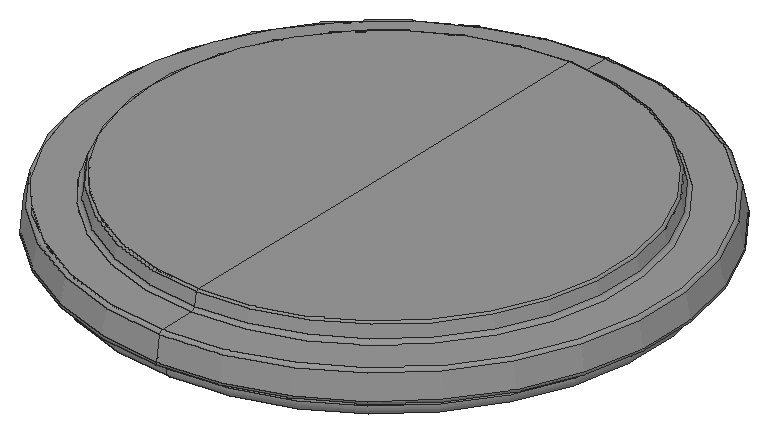
Revit family "FMK13_63_UN_Surface-mounted_ETK", category Lighting Fixtures, Revit 2017 (continued)
Definition of nested family "FMK.1 - Lightsource"
  Types (13, lengths in mm): name | Wattage Comments | Photometric Web File | built-in parameter 1150142 | Apparent Load
      53\t125.7813\t106.5085\r\n88.2355\t70.5452\t54.1615\t7.8573\t0\t0\r\n604.9325\t604.7176\t603.7796\t601.7596\t599.0029\t595.4393\t591.2503\t586.1635\t580.3285\t573.8209\r\n566.5729\t558.4662\t549.5574\t539.959\t529.6359\t518.622\t506.8968\t494.5226\t481.3277\t467.6546\r\n453.3728\t438.6295\t423.5379\t407.4691\t390.6461\t373.1217\t355.4348\t337.4507\t319.172\t300.5231\r\n281.7847\t262.9024\t244.0497\t224.0008\t203.7622\t183.799\t164.2428\t144.9022\t125.7293\t107.5918\r\n88.8514\t71.1298\t54.4435\t38.5694\t0\t0\r\n604.9325\t604.7494\t603.8591\t602.1349\t599.1772\t595.6368\t591.4608\t586.3802\t580.5395\t573.9061\r\n566.6576\t558.7326\t549.8582\t540.3013\t530.0523\t519.0994\t507.4605\t495.1326\t482.1254\t468.5441\r\n454.2405\t439.307\t423.9316\t408.0499\t391.4158\t374.6547\t357.1749\t339.1212\t320.3753\t301.4552\r\n282.4058\t263.17\t243.6782\t224.3313\t205.2234\t185.5059\t165.095\t145.3835\t126.4193\t107.5003\r\n89.5871\t71.6948\t54.518\t36.9883\t0\t0\r\n604.9325\t604.7798\t603.933\t602.2606\t599.5824\t595.8575\t591.7058\t586.6435\t580.8116\t574.1898\r\n566.9202\t558.8521\t549.9829\t540.4445\t530.3688\t519.4493\t507.8531\t495.5801\t482.6631\t469.1248\r\n454.9178\t440.2534\t424.928\t409.1933\t392.26\t375.0811\t357.6797\t339.8697\t321.5662\t303.0997\r\n284.0796\t264.4382\t244.6256\t224.8094\t205.0348\t185.2383\t165.9856\t147.0073\t127.0858\t107.9981\r\n89.7259\t72.2025\t55.0032\t33.0733\t2.9733\t0\r\n604.9325\t604.8087\t604.0009\t602.3737\t599.7493\t596.298\t592.2\t587.1644\t581.1454\t574.5515\r\n567.2809\t559.2119\t550.3447\t540.7829\t530.5511\t519.5979\t508.0056\t495.7365\t482.8831\t469.4721\r\n455.32\t440.7056\t425.4497\t409.8313\t392.9182\t375.989\t358.654\t340.8931\t322.57\t303.9496\r\n284.9419\t265.4893\t245.963\t226.2227\t206.5172\t186.1591\t166.2968\t146.6662\t127.4699\t108.8866\r\n90.4763\t72.3236\t55.4787\t29.4388\t16.9564\t0\r\n604.9325\t604.8361\t604.0626\t602.4735\t599.8962\t596.4937\t592.4457\t587.4678\t581.7164\t575.1773\r\n567.9349\t559.8858\t551.0519\t541.472\t531.0513\t520.0748\t508.4733\t496.1692\t483.3366\t469.7223\r\n455.551\t440.858\t425.587\t409.8699\t393.2087\t376.3423\t359.0181\t341.2638\t323.0544\t304.5645\r\n285.6675\t266.4002\t246.9483\t227.2771\t207.4642\t187.5942\t167.7977\t148.0403\t128.3798\t109.277\r\n90.5235\t72.6235\t56.3199\t28.8061\t14.3084\t0\r\n604.9325\t604.8617\t604.1182\t602.5602\t600.0226\t596.6587\t592.6458\t587.7121\t581.9995\t575.508\r\n568.2964\t560.2824\t551.501\t541.9643\t531.743\t520.7781\t509.1995\t496.8891\t484.1302\t470.4742\r\n456.3108\t441.5572\t426.2844\t410.4684\t394.0507\t377.1843\t359.8341\t342\t323.7882\t305.1042\r\n286.137\t266.7921\t247.3055\t227.5948\t207.825\t187.6657\t167.8486\t148.2204\t128.7693\t109.6958\r\n91.0828\t73.0008\t55.7332\t28.5158\t9.2535\t5.8306\r\n604.9325\t604.8858\t604.1675\t602.6336\t600.1283\t596.7932\t592.7994\t587.8971\t582.2037\t575.7372\r\n568.5319\t560.5294\t551.7717\t542.2778\t531.8858\t520.932\t509.3938\t497.098\t484.3744\t470.7813\r\n456.6695\t441.9743\t426.7397\t410.9949\t394.281\t377.6255\t360.349\t342.6082\t324.4077\t305.9467\r\n287.057\t267.8093\t248.3563\t228.6492\t208.8539\t188.9518\t169.1246\t149.344\t129.7127\t110.5106\r\n91.7654\t73.7774\t57.5617\t24.3495\t13.0724\t0\r\n604.9325\t604.9084\t604.2102\t602.6933\t600.2132\t596.897\t592.9066\t588.0227\t582.1208\t575.6725\r\n568.4733\t560.4987\t551.7845\t542.3932\t532.2197\t521.3168\t509.8504\t497.6049\t484.9598\t471.5946\r\n457.5683\t442.9406\t427.7495\t412.0765\t395.0762\t378.5872\t361.3233\t343.5924\t325.3398\t306.7643\r\n287.7814\t268.4081\t248.9004\t229.0701\t209.3799\t189.1876\t169.2491\t149.5934\t130.3692\t111.7187\r\n93.1623\t74.832\t56.0552\t30.1574\t17.757\t0\r\n604.9325\t604.9291\t604.2466\t602.7396\t600.277\t596.7549\t592.7641\t587.9288\t582.2718\t575.869\r\n568.7055\t560.782\t552.1376\t542.8605\t532.8647\t522.03\t510.6246\t498.4005\t485.7799\t472.303\r\n458.2807\t443.627\t428.3966\t412.6847\t395.7487\t379.043\t361.726\t344.0152\t325.8533\t307.4149\r\n288.4358\t268.8734\t249.1853\t229.375\t209.698\t190.0696\t170.6999\t151.6406\t131.5559\t112.2365\r\n93.7694\t75.9803\t57.7978\t36.3903\t3.3572\t0\r\n604.9325\t604.9482\t604.2766\t602.7724\t600.1026\t596.8317\t592.8688\t588.0895\t582.4821\t576.1402\r\n569.0311\t561.2923\t552.7151\t543.5197\t533.3842\t522.5693\t511.1655\t498.9339\t486.2842\t472.7688\r\n458.7265\t443.8734\t428.6057\t412.8898\t396.4891\t379.9651\t362.5484\t344.6873\t326.0862\t307.3448\r\n288.413\t269.2614\t249.8982\t230.6041\t211.5997\t191.9184\t171.4046\t151.5305\t132.3891\t113.1712\r\n95.0695\t77.0752\t59.9131\t42.0633\t0\t0\r\n604.9325\t604.9657\t604.2998\t602.5548\t600.1553\t596.9302\t593.0054\t588.2927\t582.7506\t576.6036\r\n569.5235\t561.6924\t553.1393\t543.9534\t533.8105\t523.0168\t511.5622\t499.366\t486.4926\t472.912\r\n459.0179\t444.3755\t429.4063\t413.6832\t397.1754\t379.8273\t362.3066\t344.5457\t326.4347\t308.0495\r\n289.4402\t270.7576\t251.9841\t231.9745\t211.6746\t191.7028\t172.0756\t152.6103\t133.1779\t114.8662\r\n95.9878\t78.1761\t61.1735\t45.795\t0\t0\r\n604.9325\t604.9814\t604.3167\t602.5756\t600.2201\t597.0494\t593.1734\t588.5362\t583.1793\t576.9316\r\n569.8621\t562.0891\t553.565\t544.2694\t534.1347\t523.3515\t511.7317\t499.6292\t486.9379\t473.6955\r\n459.8412\t444.9777\t429.3063\t413.3894\t396.8997\t380.0432\t362.8271\t345.3781\t327.6307\t309.5314\r\n291.5164\t271.8122\t251.8804\t231.996\t212.4087\t192.9384\t172.9802\t153.4783\t134.9195\t115.44\r\n97.1203\t79.0755\t62.4054\t9.3896\t0\t0\r\n604.9325\t604.9956\t604.3272\t602.6031\t600.2962\t597.1889\t593.3721\t588.9141\t583.4623\t577.2196\r\n570.1627\t562.4154\t553.8858\t544.5341\t534.2984\t523.5728\t512.1948\t500.5208\t487.6946\t473.958\r\n459.5435\t444.6901\t429.4465\t413.7537\t397.3341\t380.8483\t363.9506\t346.8691\t329.6427\t310.5199\r\n291.273\t271.8245\t252.461\t233.1913\t213.8417\t193.4848\t174.0151\t155.267\t135.3556\t116.4813\r\n97.8216\t80.1325\t63.6547\t0\t0\t0\r\n604.9325\t605.0081\t604.1035\t602.6372\t600.3825\t597.3475\t593.707\t589.127\t583.7094\t577.482\r\n570.4302\t562.6996\t554.1438\t544.6663\t534.7057\t524.3891\t513.0044\t500.7896\t487.3524\t473.6975\r\n459.518\t445.0085\t429.9797\t414.6206\t398.4095\t382.2407\t365.9518\t348.2711\t329.3178\t310.5274\r\n291.5796\t272.7277\t253.9408\t234.0297\t214.0457\t194.5929\t175.6982\t155.4975\t136.2802\t117.3421\r\n98.7646\t81.3279\t72.1805\t0\t0\t0\r\n604.9325\t605.019\t604.1119\t602.6779\t600.4786\t597.6426\t593.9105\t589.3438\t583.9467\t577.7191\r\n570.6656\t562.8212\t554.3085\t545.0755\t535.5347\t524.721\t513.0291\t500.3333\t487.3226\t473.9116\r\n459.8662\t445.6658\t430.8177\t415.8479\t400.1212\t383.9482\t365.8834\t347.7302\t329.562\t311.2079\r\n292.7026\t274.2517\t254.2433\t234.5137\t215.2238\t196.2482\t175.8172\t156.3581\t137.1786\t118.0156\r\n99.7925\t82.5063\t18.8432\t0\t0\t0\r\n604.9325\t605.0283\t604.1218\t602.7247\t600.583\t597.8102\t594.1046\t589.5447\t584.1685\t577.9335\r\n570.7476\t563.1054\t554.7514\t545.9018\t535.7763\t524.3683\t512.6077\t500.3662\t487.5755\t474.3762\r\n460.5654\t446.5906\t432.1211\t417.8057\t401.602\t383.3793\t365.8497\t348.1423\t330.3051\t312.4086\r\n294.1318\t274.1954\t254.8095\t235.669\t216.8273\t196.3608\t176.5926\t157.4869\t137.7906\t118.858\r\n100.818\t83.5993\t0\t0\t0\t0\r\n604.9325\t605.0361\t604.1334\t602.7774\t600.7864\t597.9704\t594.2876\t589.7308\t584.3744\t578.1281\r\n571.0018\t563.4848\t555.5833\t546.1282\t535.3695\t524.2805\t512.6836\t500.6473\t488.0744\t475.1119\r\n461.6374\t447.8475\t434.0262\t417.6448\t400.9644\t383.6448\t366.3432\t349.0233\t331.7904\t313.5353\r\n294.0128\t274.8492\t255.877\t237.208\t216.8648\t197.0235\t177.7961\t157.8749\t138.4358\t119.7504\r\n101.8852\t92.4739\t0\t0\t0\t0\r\n604.9325\t605.0425\t604.1466\t602.848\t600.8972\t598.1214\t594.4589\t589.9031\t584.5647\t578.2256\r\n571.3187\t564.2473\t555.8092\t545.7075\t535.2392\t524.3842\t512.9437\t501.1112\t488.7997\t476.1064\r\n463.0374\t449.343\t433.5399\t417.2783\t400.9627\t384.2803\t367.2588\t350.5131\t332.268\t313.3683\r\n294.6133\t275.9463\t257.4891\t237.3023\t217.356\t197.9306\t178.3323\t158.4724\t139.2137\t120.6822\r\n102.8483\t57.3578\t0\t0\t0\t0\r\n604.9325\t605.0474\t604.1608\t602.9137\t601.0014\t598.264\t594.6171\t590.063\t584.6305\t578.4959\r\n572.0294\t564.4703\t555.3483\t545.5818\t535.2777\t524.6268\t513.4049\t501.7638\t489.7543\t477.3344\r\n464.4028\t448.8923\t433.3396\t417.5334\t401.4281\t385.097\t368.9335\t350.8398\t332.2947\t313.863\r\n295.5771\t277.519\t257.6565\t237.7254\t218.1962\t199.0534\t178.7354\t159.0786\t140.0851\t121.6497\r\n103.8155\t0\t0\t0\t0\t0\r\n604.9325\t605.051\t604.176\t602.9834\t601.0992\t598.3979\t594.7648\t590.2104\t584.8219\t578.8225\r\n572.3363\t564.4139\t555.1729\t545.6088\t535.5075\t525.0194\t514.047\t502.6184\t490.9152\t478.6035\r\n463.8731\t448.8367\t433.4799\t418.0245\t402.1397\t386.5322\t369.0536\t350.9647\t332.8257\t314.7378\r\n297.0853\t277.7551\t257.9227\t238.481\t219.5016\t199.2458\t179.2974\t159.8236\t140.9368\t122.5844\r\n114.5266\t0\t0\t0\t0\t0\r\n604.9325\t604.8195\t604.1772\t603.163\t601.191\t598.5255\t594.895\t590.2198\t585.0512\t579.5204\r\n572.4719\t563.9005\t555.1175\t545.7701\t535.8495\t525.5278\t514.821\t503.6348\t492.264\t478.147\r\n463.7272\t448.9998\t433.9643\t418.7961\t403.6464\t387.1038\t369.0804\t351.3617\t333.5972\t315.9873\r\n297.742\t277.8849\t258.5245\t239.3997\t219.9055\t199.7153\t179.9419\t160.6418\t141.8696\t123.5432\r\n87.3022\t0\t0\t0\t0\t0\r\n604.9325\t604.8214\t604.1941\t603.235\t601.2774\t598.653\t595.016\t590.3749\t585.3173\t579.7601\r\n572.4333\t563.7933\t555.2071\t545.9861\t536.2842\t526.1054\t515.7411\t505.1648\t491.8617\t477.9997\r\n463.7712\t449.4027\t434.6692\t419.8185\t404.4636\t386.7505\t369.4002\t352.0054\t334.6783\t317.1876\r\n297.6146\t278.2823\t259.2507\t240.5064\t220.1321\t200.1444\t180.6201\t161.5081\t142.8095\t124.5313\r\n13.8642\t0\t0\t0\t0\t0\r\n604.9325\t604.8236\t604.2119\t603.3019\t601.3588\t598.7555\t595.1265\t590.5663\t585.9635\t579.8593\r\n571.9911\t563.7863\t555.3307\t546.2508\t536.8328\t526.9331\t517.2336\t505.4984\t491.6135\t478.0339\r\n464.0981\t449.9708\t435.6618\t421.0393\t404.0675\t387.0188\t369.9272\t352.9161\t336.0984\t317.049\r\n297.8658\t278.9167\t260.1671\t240.5732\t220.4028\t200.641\t181.2542\t162.264\t143.6971\t138.9319\r\n0\t0\t0\t0\t0\t0\r\n604.9325\t604.8263\t604.2307\t603.3631\t601.4313\t598.8452\t595.1065\t590.8151\t586.1914\t579.822\r\n571.9271\t563.8539\t555.4675\t546.661\t537.4583\t527.8618\t517.6741\t504.7744\t491.6731\t478.2434\r\n464.6017\t450.7338\t436.9828\t420.7421\t404.1424\t387.4658\t370.696\t354.016\t336.1698\t317.1983\r\n298.3815\t279.7143\t261.0886\t240.6791\t220.7372\t201.1309\t181.8626\t163.0016\t144.4475\t122.5815\r\n0\t0\t0\t0\t0\t0\r\n604.9325\t604.8296\t604.2504\t603.4181\t601.5048\t598.9231\t595.2406\t591.0574\t586.306\t579.3415\r\n571.9105\t564.0096\t555.7297\t547.2433\t538.1409\t529.1692\t517.1897\t504.6634\t491.8013\t478.5756\r\n465.2881\t452.0592\t437.3133\t420.7778\t404.3743\t388.0399\t371.6653\t355.0642\t336.1889\t317.5424\r\n298.9986\t280.8707\t261.0621\t240.914\t221.1175\t201.6401\t182.4991\t163.6658\t145.1424\t84.3257\r\n0\t0\t0\t0\t0\t0\r\n604.9325\t604.8332\t604.2709\t603.4669\t601.5763\t598.9896\t595.3813\t591.6653\t586.3048\t579.2256\r\n571.9268\t564.2159\t556.1016\t547.8041\t538.8916\t529.4947\t517.0631\t504.6077\t491.9608\t479.1972\r\n466.0487\t452.7796\t436.8262\t420.8991\t404.8605\t388.7535\t372.9693\t354.883\t336.3385\t317.986\r\n299.7762\t281.4547\t261.1226\t241.2359\t221.6059\t202.209\t183.1578\t164.3804\t145.8553\t11.7624\r\n0\t0\t0\t0\t0\t0\r\n604.9325\t604.8742\t604.2921\t603.4941\t601.6459\t599.0296\t595.534\t591.8113\t586.2424\t579.1327\r\n571.9926\t564.4765\t556.5369\t548.3248\t540.2008\t528.8722\t517.0076\t504.7376\t492.349\t479.714\r\n467.3129\t452.606\t436.9139\t421.1267\t405.4395\t389.6556\t373.4059\t354.9124\t336.7214\t318.5644\r\n300.8615\t281.2211\t261.3039\t241.5416\t222.049\t202.8204\t183.8329\t165.0665\t157.8062\t0\r\n0\t0\t0\t0\t0\t0\r\n604.9325\t604.8778\t604.3138\t603.5305\t601.7141\t599.0846\t595.6937\t591.9235\t585.8046\t579.085\r\n572.1029\t564.7578\t557.0364\t548.9977\t540.5541\t528.6643\t516.9564\t505.0054\t492.8264\t480.4248\r\n467.8389\t452.4841\t437.2894\t421.6733\t406.0593\t390.8949\t373.0813\t355.0514\t337.1284\t319.303\r\n301.3591\t281.2466\t261.4669\t241.8581\t222.5305\t203.3664\t184.4454\t165.7848\t137.4772\t0\r\n0\t0\t0\t0\t0\t0\r\n604.9325\t604.8809\t604.3362\t603.5621\t601.7811\t599.0352\t595.8464\t591.9852\t585.7061\t579.0857\r\n572.2264\t565.0563\t557.5744\t550.165\t540.3995\t528.673\t517.0206\t505.3604\t493.3723\t481.6559\r\n467.3623\t452.552\t437.5387\t422.5383\t407.0626\t391.1192\t373.1518\t355.3501\t337.6537\t320.3056\r\n301.165\t281.3401\t261.6688\t242.21\t222.9713\t203.9042\t185.0535\t166.4117\t103.1682\t0\r\n0\t0\t0\t0\t0\t0\r\n604.9325\t604.8836\t604.359\t603.5893\t601.8694\t599.1105\t596.0133\t592.0398\t585.6138\t579.1319\r\n572.3514\t565.3855\t558.1204\t550.6032\t539.7275\t528.6462\t517.2427\t505.6569\t494.0788\t482.057\r\n467.3569\t452.5819\t437.9086\t423.1364\t408.6546\t391.0243\t373.2044\t355.7272\t338.2397\t320.9029\r\n301.111\t281.4142\t261.9364\t242.5968\t223.431\t204.436\t185.6287\t167.0034\t27.572\t0\r\n0\t0\t0\t0\t0\t0\r\n604.9325\t604.8855\t604.4761\t603.6117\t601.9217\t599.2035\t596.533\t591.9864\t585.5043\t579.2184\r\n572.5425\t565.734\t558.6618\t550.7546\t539.5884\t528.6359\t517.5185\t506.1812\t495.04\t482.1849\r\n467.305\t452.8559\t438.287\t423.7604\t408.9102\t391.2459\t373.6942\t356.1472\t338.8603\t321.0491\r\n301.0713\t281.5636\t262.175\t242.9288\t223.8638\t204.9514\t186.2113\t182.0587\t1.1881\t0\r\n0\t0\t0\t0\t0\t0\r\n604.9325\t604.8867\t604.5028\t603.6293\t601.9638\t599.2994\t596.645\t591.5011\t585.4756\t579.3018\r\n572.8016\t566.036\t559.6409\t550.1491\t539.5084\t528.714\t517.8046\t506.6744\t495.6339\t481.5654\r\n467.4352\t453.0708\t438.8115\t424.8445\t408.3959\t391.1553\t373.9573\t356.7332\t339.7814\t320.6058\r\n301.0831\t281.6948\t262.4118\t243.275\t224.2954\t205.4324\t186.6954\t167.9441\t0\t0\r\n0\t0\t0\t0\t0\t0\r\n604.9325\t604.887\t604.5236\t603.6425\t601.9959\t599.3986\t596.7257\t591.3548\t585.5182\t579.363\r\n573.0573\t566.424\t559.9176\t549.9196\t539.5158\t528.8377\t518.1153\t507.2742\t495.7579\t481.5916\r\n467.4632\t453.474\t439.2698\t425.2443\t408.263\t391.2061\t374.1569\t357.1614\t340.0716\t320.4624\r\n301.0867\t281.8107\t262.6444\t243.5924\t224.6723\t205.8572\t187.1718\t144.9784\t0\t0\r\n0\t0\t0\t0\t0\t0\r\n604.9325\t604.8865\t604.5428\t603.6338\t602.0103\t599.4978\t596.7763\t591.2522\t585.5281\t579.4668\r\n573.3066\t566.9192\t559.9588\t549.7513\t539.4872\t529.0692\t518.4253\t508.1923\t495.3851\t481.5092\r\n467.7242\t453.7447\t439.9175\t425.2779\t408.1339\t391.3024\t374.4758\t357.6287\t340.0586\t320.3781\r\n301.1083\t281.913\t262.8388\t243.8776\t225.0242\t206.2552\t187.5981\t115.0009\t0\t0\r\n0\t0\t0\t0\t0\t0\r\n604.9325\t604.885\t604.5606\t603.645\t602.0264\t599.5935\t596.8163\t591.1682\t585.5125\t579.6428\r\n573.535\t567.325\t560.0188\t549.5766\t539.5151\t529.2436\t518.8689\t508.4588\t495.2237\t481.6326\r\n467.8736\t454.23\t440.7564\t424.7799\t408.1443\t391.3969\t374.7627\t358.4102\t339.5867\t320.3059\r\n301.1296\t282.0313\t263.0322\t244.1182\t225.3098\t206.5909\t208.5256\t41.0682\t0\t0\r\n0\t0\t0\t0\t0\t0\r\n604.9325\t604.8822\t604.5765\t603.6541\t602.0366\t599.6814\t596.7991\t591.1051\t585.5226\t579.7912\r\n573.7965\t568.1624\t559.4207\t549.5037\t539.5662\t529.4615\t519.2377\t508.6864\t495.0436\t481.679\r\n468.2064\t454.598\t441.0964\t424.6947\t408.1124\t391.6374\t375.1268\t358.6007\t339.3875\t320.2485\r\n301.1794\t282.1608\t263.2234\t244.3607\t225.5868\t206.9026\t205.2836\t16.995\t0\t0\r\n0\t0\t0\t0\t0\t0\r\n604.9325\t604.8785\t604.5908\t603.6633\t601.9395\t599.7647\t596.7418\t591.06\t585.5485\t579.8973\r\n574.0964\t568.3927\t559.2244\t549.5165\t539.6473\t529.7217\t519.6586\t508.6422\t495.0411\t481.7111\r\n468.4364\t455.1131\t441.2729\t424.5622\t408.1888\t391.8366\t375.4632\t358.6633\t339.2702\t320.1939\r\n301.1714\t282.2413\t263.3757\t244.584\t225.8505\t207.1891\t196.3747\t0\t0\t0\r\n0\t0\t0\t0\t0\t0\r\n604.9325\t604.8733\t604.6033\t603.6729\t601.9265\t600.2331\t596.6322\t591.0364\t585.5873\t580.0245\r\n574.3594\t568.5711\t559.0794\t549.4846\t539.7647\t529.9902\t520.5131\t508.1301\t494.9934\t481.8595\r\n468.6626\t455.4659\t441.221\t424.5762\t408.315\t392.0382\t376.1636\t358.1518\t339.119\t320.1416\r\n301.21\t282.3326\t263.5119\t244.7525\t226.0488\t207.4163\t183.0863\t0\t0\t0\r\n0\t0\t0\t0\t0\t0\r\n604.9325\t604.8668\t604.6139\t603.695\t601.9318\t600.3013\t596.5338\t590.9823\t585.6512\t580.1659\r\n574.5935\t568.6407\t558.9834\t549.4782\t539.8949\t530.2134\t520.7044\t508.0583\t495.0091\t481.9755\r\n468.936\t456.1777\t440.6073\t424.4889\t408.3795\t392.2535\t376.4444\t357.9475\t338.9762\t320.0694\r\n301.208\t282.3868\t263.6237\t244.9007\t226.2289\t207.6039\t166.6342\t0\t0\t0\r\n0\t0\t0\t0\t0\t0\r\n604.9325\t604.8591\t604.6493\t603.703\t601.9417\t600.3485\t596.0679\t590.8989\t585.6858\t580.3035\r\n574.8415\t568.6032\t558.9126\t549.5162\t540.0334\t530.4923\t520.8077\t507.8674\t495.0311\t482.1225\r\n469.1845\t456.3674\t440.4697\t424.4357\t408.4313\t392.4354\t376.5266\t357.6959\t338.8194\t319.9882\r\n301.1811\t282.4086\t263.6716\t244.9804\t226.3421\t207.7361\t148.0797\t0\t0\t0\r\n0\t0\t0\t0\t0\t0\r\n604.9325\t604.8499\t604.6541\t603.708\t601.9557\t600.3666\t595.9812\t590.8541\t585.6659\t580.4378\r\n575.0686\t568.5408\t558.8013\t549.5237\t540.1919\t530.7662\t520.8701\t507.7843\t494.9614\t482.1637\r\n469.3976\t456.3809\t440.3147\t424.4104\t408.4891\t392.588\t376.4753\t357.4762\t338.6657\t319.8723\r\n301.1199\t282.3935\t263.7053\t245.055\t226.4221\t207.8132\t128.3104\t0\t0\t0\r\n0\t0\t0\t0\t0\t0\r\n604.9325\t604.8391\t604.6536\t603.7099\t601.9915\t600.3844\t595.8953\t590.8399\t585.6779\t580.4851\r\n575.7618\t567.9273\t558.7536\t549.4945\t540.2391\t530.9988\t520.839\t507.746\t495.0258\t482.2626\r\n469.5282\t456.2376\t440.1362\t424.3591\t408.547\t392.7352\t376.3568\t357.2544\t338.4904\t319.7454\r\n301.0327\t282.3506\t263.6906\t245.0533\t226.4334\t230.4994\t61.4906\t0\t0\t0\r\n0\t0\t0\t0\t0\t0\r\n604.9325\t604.827\t604.6476\t603.7081\t602.0045\t600.3945\t595.8023\t590.8088\t585.7376\t
